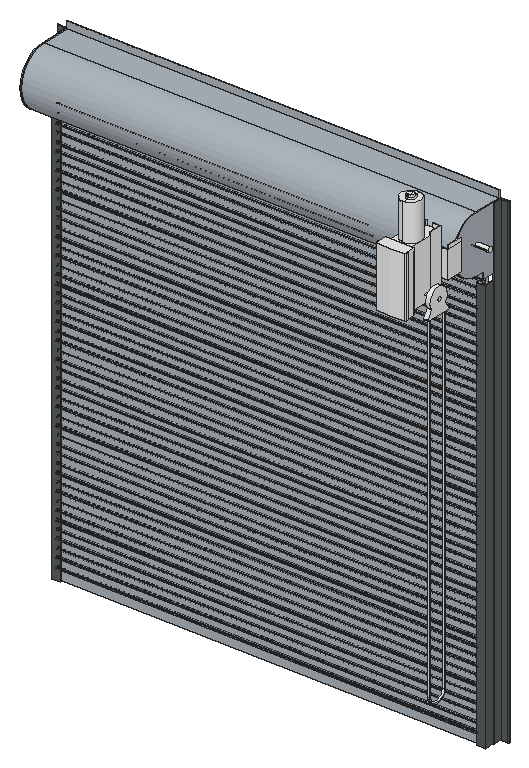
Revit family "Doors_Fire-Doors-Shutters_Wayne-Dalton_Insulated-Fire-Rated-Doors-FireStar-Model-700C", category Specialty Equipment, host Wall, Revit 2026
Family settings
  Host = Wall
  Round Connector Dimension = Use Diameter
  Part Type = Normal
  Classification Number = 23.30.10.21.34
  Enable Cutting in Views = No
  Always vertical = Yes
  Cut with Voids When Loaded = Yes
  Maintain Annotation Orientation = No
  Shared = No
  Room Calculation Point = No
Parameters (values of type "115 volts, one phase, 60 Hz (110-120V range)")
  X Motor [instance] = size_lookup(Lookup Table, if(Face Of Wall Mounting, "X Motor F", "X Motor B"), 10", Width Count, Height Count)  # 18 1/2"
  HM Warning [instance] = if(or(not(Chain Hoist), not(Lift Up)), size_lookup(Lookup Table, if(Face Of Wall Mounting, "Warning Motor F", "Warning Motor B"), 1, Width Count, Height Count) = 1, 0 = 1)  # no
  HC Warning [instance] = if(or(Chain Hoist, Lift Up), size_lookup(Lookup Table, if(Face Of Wall Mounting, "Warning Chain F", "Warning Chain B"), 1, Width Count, Height Count) = 1, 0 = 1)  # no
  Y Motor [instance] = size_lookup(Lookup Table, if(Face Of Wall Mounting, "Y Motor F", "Y Motor B"), 10", Width Count, Height Count)  # 17"
  Y Chain [instance] = size_lookup(Lookup Table, if(Face Of Wall Mounting, "Y Chain F", "Y Chain B"), 10", Width Count, Height Count)  # 17"
  Width Count [instance] = if(or(Opening Width < 120", Opening Width = 120"), 10, if(or(Opening Width < 192", Opening Width = 192"), 16, 20))  # 10
  Warning Sign [instance] = if(Calculated Area > 324.00 SF, 1 = 1, 1 = 2)  # no
  Warning (Note) [instance] = if(Warning Sign, "The Door Area is out of the limit; please adjust accordingly. The maximum allowed area is 324 sq. ft.", if(or(HM Warning, HC Warning), "Headroom Clearance Dimensions - out of the limits. Consult Factory", " "))  # " "
  Wall Thickness [instance] = 6"
  Voltage = 115 V
  True Opening Width [instance] = if(Between Jambs Mounting, Door Width True, Clear Width)  # 120"
  True Opening Height [instance] = if(Between Jambs Mounting, Clear Height + Headroom Height, Clear Height)  # 120"
  Slat Type [instance] = "№34"  # constant formula
  Slat Length [instance] = Clear Width + G Value * 2 - 1" / 2 * 2  # 124 5/8"
  Slat Height [instance] = 12 1/4"  # constant formula
  Slat [instance] = 1  # constant formula
  Side Room Right [instance] = 10"  # constant formula
  Side Room Left [instance] = 6"  # constant formula
  Product Page URL = "https://www.wayne-dalton.com/commercial-fire-doors-700c"
  Power Factor = 1
  Powder Coat (Note) = "Wayne Dalton also offers approximately 200 RAL powder coat options to complement the exterior colors of a building."  # constant formula
  Operator Visibility = yes
  Operation (Note) [instance] = "Door could operate by manual push, crank, electrical operator or chain hoist. Manual push up and crank could be used up to 80 sf, for larger door sizes you have to use Chain Hoist operator."  # constant formula
  Opening Width Real [instance] = if(Opening Width > Max Opening Width, Max Opening Width, if(Opening Width < Min Opening Width, Min Opening Width, Opening Width))  # 120"
  Opening Width [instance] = 120"
  Opening Height Real [instance] = if(Opening Height > Max Opening Height, Max Opening Height, if(Opening Height < Min Opening Height, Min Opening Height, Opening Height))  # 120"
  Opening Height [instance] = 120"
  One Array element [instance] = not(Array Vis)  # no
  Number of Poles = 1
  Motor Type [instance] = if(Between Jambs Mounting, "GCL Front of Hood", if(Motor Option < 2, "GCL Front of Hood", "GCL Wall Mount"))  # "GCL Front of Hood"
  Motor Selection (Note) [instance] = "Generic operator shown. Contact Wayne Dalton when dimensions are critical. "  # constant formula
  Motor Position [instance] = if(or(Chain Hoist, Lift Up, Motor Option Real = 1), G Value, 225/256" + 2 13/16")  # 2 13/16"
  Motor Option Real [instance] = if(Between Jambs Mounting, 1, if(Motor Option < 2, 1, 3))  # 1
  Motor Option [instance] = 1
  Min Opening Width [instance] = if(Between Jambs Mounting, 18" + Side Room Right + Side Room Left, 18")  # 18"
  Min Opening Height [instance] = if(Between Jambs Mounting, 24" + Headroom Height, 24")  # 24"
  Max Opening Width [instance] = 288"  # constant formula
  Max Opening Height [instance] = 288"  # constant formula
  Material Finish [instance] = 700C : Standard - Gray
  M Value [instance] = G Value + 1/2"  # 3 5/16"
  Lookup Table [instance] = "Hood Dimensions"  # constant formula
  Lift Up = no
  Jambs Offset L [instance] = if(Between Jambs Mounting, Side Room Left, 0")  # 0"
  Jambs Offset R [instance] = if(Between Jambs Mounting, Side Room Right, 0")  # 0"
  Installation Real [instance] = if(Between Jambs Mounting, if((Wall Thickness / 2 - Guid Depth / 2) < 0", 0", Wall Thickness / 2 - Guid Depth / 2), Wall Thickness)  # 6"
  Hood Type [instance] = "Round Hood"  # constant formula
  Hood Offset [instance] = 2"  # constant formula
  Hood Material [instance] = Metal - Wayne Dalton - Gray
  Hood Height [instance] = if(or(Chain Hoist, Lift Up), X Chain - 2", X Motor - 2")  # 16 1/2"
  X Chain [instance] = size_lookup(Lookup Table, if(Face Of Wall Mounting, "X Chain F", "X Chain B"), 10", Width Count, Height Count)  # 18 1/2"
  Height Count [instance] = if(or(Opening Height < 120", Opening Height = 120"), 10, if(or(Opening Height < 144", Opening Height = 144"), 12, if(or(Opening Height < 168", Opening Height = 168"), 14, if(or(Opening Height < 192", Opening Height = 192"), 16, if(or(Opening Height < 216", Opening Height = 216"), 18, 20)))))  # 10
  Headroom Height Lift [instance] = if(or(Chain Hoist, Lift Up), X Chain + Hood Offset, X Motor + Hood Offset)  # 20 1/2"
  Headroom Height [instance] = if(Between Jambs Mounting, Headroom Height Lift, Headroom Height Lift + 2")  # 22 1/2"
  Guide Type [instance] = if(Between Jambs Mounting, "Angled Between Jambs Z Guide", "Angled Z Guide")  # "Angled Z Guide"
  Guide Option [instance] = if(Between Jambs Mounting, 1, 2)  # 2
  Guid Depth [instance] = if(Between Jambs Mounting, D Value + 1/4", D Value)  # 5 1/2"
  G Value [instance] = 2 13/16"  # constant formula
  Frequency = 60 Hz
  Face of Wall Offset [instance] = if(Between Jambs Mounting, 0", 5")  # 5"
  Face Of Wall Mounting [instance] = not(Between Jambs Mounting)  # yes
  Door Width True [instance] = if(Between Jambs Mounting, Clear Width + Side Room Right + Side Room Left, Clear Width + M Value * 2)  # 126 5/8"
  Door Width (Real) [instance] = if(Between Jambs Mounting, Clear Width, Clear Width + 1" / 2)  # 120 1/2"
  Door Height True [instance] = Clear Width + Headroom Height  # 142 1/2"
  Door Height (Real) [instance] = Clear Height + Hood Offset  # 122"
  URL = "https://www.wayne-dalton.com/"
  Product data url = "https://www.bimobject.com/wayne-dalton/product/commercial-fire-doors-700c"
  Product Guid = "9f00e588-995a-41a3-b95e-30d0c432c3c2"
  Model = "700C"  # constant formula
  Manufacturer = "Wayne Dalton"  # constant formula
  Wall Closure = By host
  Floor To (CL) of Shaft [instance] = Clear Height + Hood Offset + 2" + Hood Height / 2  # 132 1/4"
  Finish Material = Finish - Wayne Dalton - Black
  Description = "FIRESTAR Model 700C Insulated Fire Door R-Value 5.0, U-Factor 0.2"  # constant formula
  Default Elevation = 0"
  D Value Clearance [instance] = if(Between Jambs Mounting, D Value + 1/4", D Value)  # 5 1/2"
  D Value [instance] = 5 1/2"  # constant formula
  Clearance [instance] = no
  Clear Width [instance] = if(Between Jambs Mounting, Opening Width Real - Side Room Right - Side Room Left, Opening Width Real)  # 120"
  Clear Height [instance] = if(Between Jambs Mounting, Opening Height Real - Headroom Height, Opening Height Real)  # 120"
  Chain Hoist = no
  Current = 20 A
  Connector Array Distance = 0"  # constant formula
  Connector Array = if(Chain Hoist, 2, 3)  # 3
  Between Jambs Mounting [instance] = no
  Bar [instance] = if(Face Of Wall Mounting, 1 = 1, 1 = 2)  # yes
  Backroom Depth [instance] = if(or(Chain Hoist, Lift Up), Y Chain, Y Motor)  # 17"
  BJ Opening Cut [instance] = if(Between Jambs Mounting, Headroom Height, 0")  # 0"
  Array Vis [instance] = if(Array < 2, 1 = 2, 1 = 1)  # yes
  Array Real [instance] = if(Array < 2, 2, Array)  # 10
  Array Length [instance] = (Array) * Slat Height  # 122 1/2"
  Array [instance] = rounddown(([Door Height (Real)] - 3") / Slat Height) + 1  # 10
  Calculated Area [instance] = [Door Width (Real)] * [Door Height (Real)]  # 102.09 SF
  Apparent Load Phase 3 = if(Number of Poles = 1, 0 VA, (Voltage * Current * sqrt(3)) / 3)  # 0 VA
  Apparent Load Phase 2 = if(Number of Poles = 1, 0 VA, (Voltage * Current * sqrt(3)) / 3)  # 0 VA
  Apparent Load Phase 1 = if(Number of Poles = 1, Voltage * Current, (Voltage * Current * sqrt(3)) / 3)  # 2300 VA
Reference planes (in)
  plane 1 "Center (Front/Back)": y = -14.625
  plane 2 "Center (Left/Right)": x = 0
  plane 3 "Left": x = -60
  plane 4 "Right": x = 60
  plane 5 "Exterior": y = -8.625
  plane 6 "Interior": y = -14.625
  plane 7: x = 70
  plane 8: x = -66
  plane 9: z = 120
  plane 10 "Main": y = -19.48437
  plane 11 "Backroom Depth": y = -31.625
  plane 12 "Main Door Block": y = -14.625
  plane 13 "Bottom Bar": z = 2.75
  plane 14: y = -20.125
  plane 15: z = 125.25
  plane 16: z = 140.5
  plane 17: z = 122
  plane 18: z = 142.5
  plane 19: z = 0
  plane 20: z = 60
  plane 21: y = -19.375
  plane 22 "Double Main": y = -18.906
  plane 23 "Headroom Top": z = 142.5
  plane 24: z = 132.25
  plane 25: x = 62.8125
  plane 26: x = -62.8125
  plane 27: z = 113
  plane 28: z = 124
  plane 29: x = 62.8125
  plane 30: x = -66
  plane 31: x = 70
  plane 32: z = 2.75
  plane 33: y = -19.375
  plane 34: z = 113
  plane 35: y = -19.375
  plane 36: z = 15
  plane 37: y = -19.375
  plane 38: z = 27.25
  plane 39: y = -19.375
  plane 40: z = 39.5
  plane 41: y = -19.375
  plane 42: z = 51.75
  plane 43: y = -19.375
  plane 44: z = 64
  plane 45: y = -19.375
  plane 46: z = 76.25
  plane 47: y = -19.375
  plane 48: z = 88.5
  plane 49: y = -19.375
  plane 50: z = 100.75
  plane 51: y = -19.375
Forms (in)
  Extrusion 1, void
    sketch origin (0, -14.625, 0) x (0, 0, -1) y (-1, 0, 0)
      loop
        line (-120, 60) -> (-120, -60) -> (0, -60) -> (0, 60) -> (-120, 60)
    from 0 to 6
  Extrusion 2, solid, material "Metal - Wayne Dalton - Gray" <- "Hood Material", visible <- "Bar"
    sketch origin (0, 0, 0) x (0, 1, 0) y (0, 0, 1)
      loop
        line (-14.875, 140.5) -> (-14.625, 140.5) -> (-14.625, 142.5) -> (-14.875, 142.5) -> (-14.875, 140.5)
    from -62.5625 to 62.5625
  Extrusion 3, solid, material "Clearance - Wayne Dalton - Red", visible <- "Clearance"
    sketch origin (0, 0, 0) x (1, 0, 0) y (0, 1, 0)
      loop
        line (70, -14.625) -> (60, -14.625) -> (60, -20.125) -> (70, -20.125) -> (70, -14.625)
      loop
        line (-60, -14.625) -> (-66, -14.625) -> (-66, -20.125) -> (-60, -20.125) -> (-60, -14.625)
    from 0 to 122
Lines and regions (in)
  symbolic lines, visible <- "Bar"
    curve 1: line (62.5625, -14.625, 0) -> (-62.5625, -14.625, 0)
    curve 2: line (-62.5625, -14.875, 0) -> (62.5625, -14.875, 0)
Text (in)
  text "Exterior" at (-74.96733, 27.31104, 0), in view "Ref. Level"
  text "Interior" at (-74.96733, -25.14366, 0), in view "Ref. Level"
  text "Exterior" at (0, 40.15149, 123.01588), in view "Right"
  text "Interior" at (0, -64.39139, 123.01588), in view "Right"
  text "Interior" at (0, -31.01599, 123.00693), in view "Left"
  text "Exterior" at (0, 54.57065, 123.00693), in view "Left"
Dimensions and locks (in)
  equal spacing: plane 3 "Left", plane 2 "Center (Left/Right)", plane 4 "Right"
  "Clear Width": plane 3 "Left" to plane 4 "Right"
  level to host wall = 459.59655"
  "Clear Height": level to plane 9
  plane 7 to plane 8 = 136"
  locked: plane 13 "Bottom Bar" to level at 2.75
  locked: plane 14 to plane 10 "Main" at 0.64063
  "Array Length": plane 15 to plane 13 "Bottom Bar"
  "Backroom Depth": plane 11 "Backroom Depth" to plane 12 "Main Door Block"
  locked: plane 18 to plane 16 at 2
  locked: Extrusion 2 sketch curve to Extrusion 2 sketch curve at 0.25
  "Installation Real": plane 1 "Center (Front/Back)" to plane 5 "Exterior"
  "Wall Thickness": host wall to host wall
  equal spacing: plane 9, plane 20, plane 19
  locked: plane 10 "Main" to plane 21 at 0.10937
  locked: plane 10 "Main" to plane 22 "Double Main" at 0.57837
  "BJ Opening Cut": Extrusion 1 sketch curve to plane 9
  locked: Extrusion 2 sketch curve to Extrusion 2 sketch curve at 2
  "Hood Offset": plane 17 to plane 9
  "Headroom Height": plane 23 "Headroom Top" to plane 9
  "Floor To (CL) of Shaft": plane 24 to level
  "Jambs Offset R": plane 4 "Right" to Extrusion 1 sketch curve
  "Jambs Offset L": Extrusion 1 sketch curve to plane 3 "Left"
  "G Value": plane 25 to plane 4 "Right"
  "G Value": plane 3 "Left" to plane 26
  "Guid Depth": plane 14 to plane 1 "Center (Front/Back)"
  "Slat Height": plane 15 to plane 27
  equal spacing: group 1, group 3, group 4, group 5, group 6, group 7, group 8, group 9, group 10, group 2  (x3)
  "Side Room Right": plane 4 "Right" to plane 7
  "Side Room Left": plane 8 to plane 3 "Left"
  locked: plane 25 to Extrusion 2 at 0.25
  locked: plane 26 to Extrusion 2 at 0.25
  locked: plane 28 to plane 17 at 2
  "Hood Height": plane 16 to plane 28
  "Motor Position": plane 4 "Right" to plane 29
  "Side Room Left": plane 30 to plane 3 "Left"
  "Side Room Right": plane 4 "Right" to plane 31
  "D Value Clearance": Extrusion 3 sketch curve to Extrusion 3 sketch curve
  aligned and locked: plane 5 "Exterior" to host wall
  aligned and locked: host wall to plane 6 "Interior"
  aligned and locked: level to Extrusion 1 sketch curve
  aligned and locked: Extrusion 1 to plane 5 "Exterior"
  aligned and locked: plane 6 "Interior" to Extrusion 1
  aligned and locked: plane 16 to nested 1
  aligned and locked: Extrusion 2 sketch curve to plane 18
  aligned and locked: plane 6 "Interior" to Extrusion 2 sketch curve
  aligned and locked: curve 1 to Extrusion 2  (x2)
  aligned and locked: curve 2 to Extrusion 2  (x2)
  aligned and locked: Extrusion 2 to curve 2
  aligned and locked: nested 1 to plane 5 "Exterior"
  aligned and locked: level to plane 19
  aligned and locked: plane 2 "Center (Left/Right)" to nested 2
  aligned and locked: nested 3 to plane 2 "Center (Left/Right)"
  aligned and locked: nested 4 to plane 20
  aligned and locked: plane 2 "Center (Left/Right)" to nested 4
  aligned and locked: plane 13 "Bottom Bar" to nested 6
  aligned and locked: plane 21 to nested 6
  aligned and locked: nested 4 to plane 21
  aligned and locked: plane 19 to nested 13
  aligned and locked: nested 13 to plane 2 "Center (Left/Right)"
  aligned and locked: nested 13 to plane 1 "Center (Front/Back)"
  aligned and locked: nested 1 to plane 29
  aligned and locked: Extrusion 3 sketch curve to plane 1 "Center (Front/Back)"
  aligned and locked: Extrusion 3 sketch curve to plane 31
  aligned and locked: Extrusion 3 sketch curve to plane 4 "Right"
  aligned and locked: plane 1 "Center (Front/Back)" to Extrusion 3 sketch curve
  aligned and locked: Extrusion 3 sketch curve to plane 30
  aligned and locked: Extrusion 3 sketch curve to plane 3 "Left"
  aligned and locked: Extrusion 3 sketch curve to Extrusion 3 sketch curve
  aligned and locked: Extrusion 3 to level
  aligned and locked: plane 17 to Extrusion 3
  aligned and locked: plane 13 "Bottom Bar" to plane 32
  aligned and locked: plane 21 to plane 33
  aligned and locked: plane 27 to plane 34
  aligned and locked: plane 35 to plane 21
  aligned and locked: plane 12 "Main Door Block" to plane 1 "Center (Front/Back)"
Automatic sketch dimensions
  plane 25 to curve 1 = 1/4"
Nested families (in)
  nested 1: "Motor" at (57.873, -39.205, 121.18), visible <- "Operator Visibility", type "Trolley Motor"
    with Vertical Mount 19.32", Hood Width Real 17", Hood Width 17", Hood Height 16 1/2", Floor To Cl Shaft 132 1/4", Box Width 25 1/2"
  nested 2: "Label Annotation 1" at (0, 18.375, 0), visible <- "Warning Sign", type "Label Annotation 1"
  nested 3: "Label Annotation 1" at (0, -41.625, 0) x (-1, 0, 0) z (0, 0, 1), visible <- "Warning Sign", type "Label Annotation 1"
  nested 4: "Warning Sign" at (0, -19.375, 60), visible <- "Warning Sign", type "Warning Sign"
    with Warning Sign no
  nested 5: "700C" at (0, -19.375, 2.75), Opening Width <- "Slat Length", type <- "Material Finish", visible <- "Array Vis", type "Standard - Gray"
    with Void Width 3/4", Void Offset 1", Void Height 3/4", Slat Width 3/4", Slat Position + Offset 13.146", Slat Position 12 1/4", Slat Option 1, Secure-Vent no, Profile #34 yes, Perforation no, Opening Width 124 5/8", Integrated Cutout no, Half Void Width 3/8", Fenestration no, Cutout Width Offset 1", Cutout Vertical Offset 0.896", #4 no, # 34 yes
  nested 6: "700C" at (0, -19.375, 2.75), visible <- "One Array element", Opening Width <- "Slat Length", type <- "Material Finish", type "Standard - Gray"
    with Void Width 3/4", Void Offset 1", Void Height 3/4", Slat Width 3/4", Slat Position + Offset 13.146", Slat Position 12 1/4", Slat Option 1, Secure-Vent no, Profile #34 yes, Perforation no, Opening Width 124 5/8", Integrated Cutout no, Half Void Width 3/8", Fenestration no, Cutout Width Offset 1", Cutout Vertical Offset 0.896", #4 no, # 34 yes
  nested 7: "700C" at (0, -19.375, 113), Opening Width <- "Slat Length", type <- "Material Finish", visible <- "Array Vis", type "Standard - Gray"
    with Void Width 3/4", Void Offset 1", Void Height 3/4", Slat Width 3/4", Slat Position + Offset 13.146", Slat Position 12 1/4", Slat Option 1, Secure-Vent no, Profile #34 yes, Perforation no, Opening Width 124 5/8", Integrated Cutout no, Half Void Width 3/8", Fenestration no, Cutout Width Offset 1", Cutout Vertical Offset 0.896", #4 no, # 34 yes
  nested 8: "700C" at (0, -19.375, 15), Opening Width <- "Slat Length", type <- "Material Finish", visible <- "Array Vis", type "Standard - Gray"
    with Void Width 3/4", Void Offset 1", Void Height 3/4", Slat Width 3/4", Slat Position + Offset 13.146", Slat Position 12 1/4", Slat Option 1, Secure-Vent no, Profile #34 yes, Perforation no, Opening Width 124 5/8", Integrated Cutout no, Half Void Width 3/8", Fenestration no, Cutout Width Offset 1", Cutout Vertical Offset 0.896", #4 no, # 34 yes
  nested 9: "700C" at (0, -19.375, 27.25), Opening Width <- "Slat Length", type <- "Material Finish", visible <- "Array Vis", type "Standard - Gray"
    with Void Width 3/4", Void Offset 1", Void Height 3/4", Slat Width 3/4", Slat Position + Offset 13.146", Slat Position 12 1/4", Slat Option 1, Secure-Vent no, Profile #34 yes, Perforation no, Opening Width 124 5/8", Integrated Cutout no, Half Void Width 3/8", Fenestration no, Cutout Width Offset 1", Cutout Vertical Offset 0.896", #4 no, # 34 yes
  nested 10: "700C" at (0, -19.375, 39.5), Opening Width <- "Slat Length", type <- "Material Finish", visible <- "Array Vis", type "Standard - Gray"
    with Void Width 3/4", Void Offset 1", Void Height 3/4", Slat Width 3/4", Slat Position + Offset 13.146", Slat Position 12 1/4", Slat Option 1, Secure-Vent no, Profile #34 yes, Perforation no, Opening Width 124 5/8", Integrated Cutout no, Half Void Width 3/8", Fenestration no, Cutout Width Offset 1", Cutout Vertical Offset 0.896", #4 no, # 34 yes
  nested 11: "700C" at (0, -19.375, 51.75), Opening Width <- "Slat Length", type <- "Material Finish", visible <- "Array Vis", type "Standard - Gray"
    with Void Width 3/4", Void Offset 1", Void Height 3/4", Slat Width 3/4", Slat Position + Offset 13.146", Slat Position 12 1/4", Slat Option 1, Secure-Vent no, Profile #34 yes, Perforation no, Opening Width 124 5/8", Integrated Cutout no, Half Void Width 3/8", Fenestration no, Cutout Width Offset 1", Cutout Vertical Offset 0.896", #4 no, # 34 yes
  nested 12: "700C" at (0, -19.375, 64), Opening Width <- "Slat Length", type <- "Material Finish", visible <- "Array Vis", type "Standard - Gray"
    with Void Width 3/4", Void Offset 1", Void Height 3/4", Slat Width 3/4", Slat Position + Offset 13.146", Slat Position 12 1/4", Slat Option 1, Secure-Vent no, Profile #34 yes, Perforation no, Opening Width 124 5/8", Integrated Cutout no, Half Void Width 3/8", Fenestration no, Cutout Width Offset 1", Cutout Vertical Offset 0.896", #4 no, # 34 yes
  nested 13: "Lifts" at (0, -14.625, 0) x (-1, 0, 0) z (0, 0, 1), type "Frame Unit"
    with Round Hood yes, No Hood no, Void Offset 2", Side Clearance R 10", Side Clearance L 6", Manual no, Hood Height 18 1/2", Headroom Height Real 20 1/2", Half Hood Height 18 1/2", Shaft Offset 8 1/4", Radius Hood 8 1/4", Headroom Height 20 1/2", Header Width 17", Floor To (CL) of Shaft 132 1/4"
  nested 14: "700C" at (0, -19.375, 76.25), Opening Width <- "Slat Length", type <- "Material Finish", visible <- "Array Vis", type "Standard - Gray"
    with Void Width 3/4", Void Offset 1", Void Height 3/4", Slat Width 3/4", Slat Position + Offset 13.146", Slat Position 12 1/4", Slat Option 1, Secure-Vent no, Profile #34 yes, Perforation no, Opening Width 124 5/8", Integrated Cutout no, Half Void Width 3/8", Fenestration no, Cutout Width Offset 1", Cutout Vertical Offset 0.896", #4 no, # 34 yes
  nested 15: "700C" at (0, -19.375, 88.5), Opening Width <- "Slat Length", type <- "Material Finish", visible <- "Array Vis", type "Standard - Gray"
    with Void Width 3/4", Void Offset 1", Void Height 3/4", Slat Width 3/4", Slat Position + Offset 13.146", Slat Position 12 1/4", Slat Option 1, Secure-Vent no, Profile #34 yes, Perforation no, Opening Width 124 5/8", Integrated Cutout no, Half Void Width 3/8", Fenestration no, Cutout Width Offset 1", Cutout Vertical Offset 0.896", #4 no, # 34 yes
  nested 16: "700C" at (0, -19.375, 100.75), Opening Width <- "Slat Length", type <- "Material Finish", visible <- "Array Vis", type "Standard - Gray"
    with Void Width 3/4", Void Offset 1", Void Height 3/4", Slat Width 3/4", Slat Position + Offset 13.146", Slat Position 12 1/4", Slat Option 1, Secure-Vent no, Profile #34 yes, Perforation no, Opening Width 124 5/8", Integrated Cutout no, Half Void Width 3/8", Fenestration no, Cutout Width Offset 1", Cutout Vertical Offset 0.896", #4 no, # 34 yes
Connectors (in)
  electrical at (60.861, -39.51377, 131.7498), driven by "Apparent Load Phase 1", driven by "Power Factor", driven by "Voltage", driven by "Apparent Load Phase 2", driven by "Apparent Load Phase 3", driven by "Number of Poles"
    settings: on nested 1, index 1, voltage 115 V, apparent load 0 VA, apparent load phase1 2300 VA, apparent load phase2 0 VA, apparent load phase3 0 VA, power factor 1, load classification "Other", number of poles 1, system type 31, power factor state 1, is connector primary yes, connector utility no, sub classification motor no, connector description "Electrical Connector"
Definition of nested family "Motor"
  Parameters (values of type "Trolley Motor")
    Wall Mount = if(Main Motor, if(Motor Option > 1, 1 = 1, 1 = 2), 1 = 2)  # no
    Side Room = 10"
    Real Exterior Wall Offset = if(Wall Mount, Displacement, Exterior Wall Offset)  # 6"
    Offset = Side Room - G Value  # 7 3/16"
    Manual = no
    Main Motor = if(or(Manual, Chain Hoist), 1 = 2, 1 = 1)  # yes
    Horizontal Mount = if(Face Mount, 5.08" + 0.12" + 2.38", if(Wall Mount, 5.08", 0"))  # 7.58"
    Vertical Mount = if(Face Mount, 11.07" + Hood Height / 2, if(Wall Mount, 20.03" + 6" + Hood Height / 2, Hood Height))  # 18.57"
    Motor Type = if(Motor Option < 2, "RSX FDO Face Mount", if(Motor Option = 2, "RSX FDO Top Mount", if(Motor Option = 3, "RSX Wall Mount", if(Motor Option = 4, "RSX Bench Mount", "Chain Hoist"))))  # "RSX FDO Face Mount"
    Motor Option = 1
    Main Material = none
    Hood Width Real = if(Wall Mount, 0", Hood Width)  # 18 1/2"
    Hood Width = 18 1/2"
    Hood Material = none
    Hood Height = 15"
    Hood Mount = if(Face Mount, 0.37", if(Wall Mount, 14.74", 0"))  # 0.37"
    G Value = 2 13/16"
    Floor To Cl Shaft = 131 1/2"
    Top Option Offset = 0"  # constant formula
    Face Mount = if(Main Motor, if(Motor Option < 2, 1 = 1, 1 = 2), 1 = 2)  # yes
    Exterior Wall Offset = 6"
    Displacement = 6"
    Default Elevation = 48"
    Chain V Offset = if(or(Face Mount, Wall Mount), 4 1/2", Hood Height / 2)  # 4 1/2"
    Chain Offset = if((Floor To Cl Shaft - Hood Height / 2) < 35", Floor To Cl Shaft - Hood Height / 2 - 5", 30")  # 30"
    Chain H Offset = 0"  # constant formula
    Chain Hoist = no
    Box Width = if(BJ, Hood Width + 8", Hood Width + 8 1/2")  # 27"
    Box BJ offset = 0"  # constant formula
    BJ Displacement = 3"
    BJ = no
    Angle = 180.00°  # constant formula
  Reference planes (in)
    plane 1 "Center (Front/Back)": y = 0
    plane 2: z = 0
    plane 3 "Center (Left/Right)": x = 0
    plane 4: y = 0
    plane 5: y = 0
    plane 6: z = -127
    plane 7: z = -97
    plane 8: z = 4.5
    plane 9 "Chain Hoist": z = 4.5
    plane 10 "Top Of Hood": z = 18.57
    plane 11: y = 7.58
    plane 12: z = 0
    plane 13 "Hood Face": x = 4.9395
    plane 14: x = 5.3095
    plane 15: y = 26.08
    plane 16 "Wall": y = 32.08
    plane 17: z = 0.2198
    plane 18: y = 16.83
    plane 19: x = 12.497
    plane 20: z = 3.57
    plane 21: z = 11.07
    plane 22: z = -120.43
    plane 23: z = -90.43
    plane 24: z = 11.07
    plane 25: z = 5.0698
  Forms (in)
    Extrusion 1, solid, material <- "Main Material", visible <- "Main Motor"
      sketch origin (0, 0, 18.8898) x (1, 0, 0) y (0, 1, 0)
        loop
          line (-4.134, -5.81907) -> (4.116, -5.81907) -> (4.116, -5.69947) -> (3.108, -5.69947)
          arc (3.108, -5.69947) -> (3.02315, -5.66432) -> (2.988, -5.57947) r 0.12
          line (2.988, -5.57947) -> (2.988, 4.96193) -> (-2.988, 4.96193) -> (-2.988, -5.57947)
          arc (-2.988, -5.57947) -> (-3.02315, -5.66432) -> (-3.108, -5.69947) r 0.12
          line (-3.108, -5.69947) -> (-4.134, -5.69947) -> (-4.134, -5.81907)
      from -16.64 to 0
    Extrusion 2, solid, material <- "Main Material", visible <- "Main Motor"
      sketch origin (0, 0, 18.8898) x (-1, 0, 0) y (0, -1, 0)
        loop
          line (4.134, 5.81907) -> (4.134, 8.46165) -> (4.3324, 8.46165) -> (4.3324, 8.7182)
          arc (4.3324, 8.7182) -> (4.24466, 8.95685) -> (4.02324, 9.08185) r 0.36846
          arc (4.02324, 9.08185) -> (0, 9.4077) -> (-4.02324, 9.08185) r 25
          arc (-4.02324, 9.08185) -> (-4.24466, 8.95685) -> (-4.3324, 8.7182) r 0.36846
          line (-4.3324, 8.7182) -> (-4.3324, 8.46165) -> (-4.116, 8.46165) -> (-4.116, 5.81907) -> (4.134, 5.81907)
      from -17 to 0.35839
    Extrusion 3, solid, material <- "Main Material", visible <- "Wall Mount"
      sketch origin (0, 0, 18.8898) x (1, 0, 0) y (0, 1, 0)
        loop
          line (-2.988, 5.08193) -> (-4.988, 5.08193) -> (-4.988, 4.96193) -> (-3.108, 4.96193) -> (-3.108, 1.46193) -> (-2.988, 1.46193) -> (-2.988, 5.08193)
        loop
          line (2.988, 5.08193) -> (2.988, 1.46193) -> (3.108, 1.46193) -> (3.108, 4.96193) -> (4.988, 4.96193) -> (4.988, 5.08193) -> (2.988, 5.08193)
      from -16.64 to 1.14
    Extrusion 4, solid, material <- "Main Material", visible <- "Main Motor"
      sketch origin (-1.65311, 0.00141, 3.59957) x (0, 0, 1) y (0, -1, 0)
        loop
          arc (-0.94556, -2.36341) -> (3.90043, 0.00141) -> (-0.94556, 2.36622) r 3
          line (-0.94556, 2.36622) -> (-3.12826, 3.62641) -> (-3.37977, 3.62641) -> (-3.37977, -3.62359) -> (-3.12826, -3.62359) -> (-0.94556, -2.36341)
      from 8.2495 to 7
    Sweep 5, solid, material <- "Main Material", visible <- "Main Motor"
      path origin (5.96602, 9.53, 48) x (0, 1, 0) y (0, 0, 1)
        loop
          line (-12.53, -47.7802) -> (-12.53, -145)
          arc (-12.53, -145) -> (-9.53, -148) -> (-6.53, -145) r 3
          line (-6.53, -145) -> (-6.53, -47.7802)
      profile origin (5.96602, -3, -48.3901) x (1, 0, 0) y (0, 1, 0)
        loop
          circle (0, 0.25) r 0.25
    Extrusion 6, solid, material <- "Main Material", visible <- "Main Motor"
      sketch origin (0, 0.00141, 3.59957) x (0, 0, 1) y (0, -1, 0)
        loop
          circle (0.90043, 0.00141) r 0.4
      from 6.8795 to 0
    Extrusion 7, solid, material <- "Main Material", visible <- "Face Mount"
      sketch origin (0, 0, 18.8898) x (1, 0, 0) y (0, 1, 0)
        loop
          line (5.3095, 5.08193) -> (5.3095, 9.82193) -> (5.1895, 9.82193) -> (5.1895, 5.20193) -> (-2.988, 5.20193) -> (-2.988, 5.08193) -> (5.3095, 5.08193)
      from -12.32 to -4.32
    Extrusion 8, solid, material <- "Main Material", visible <- "Face Mount"
      sketch origin (0.25, 0, 18.8898) x (1, 0, 0) y (0, 1, 0)
        loop
          line (-3.358, 5.08193) -> (-3.358, 1.46193) -> (-3.238, 1.46193) -> (-3.238, 4.96193) -> (-1.238, 4.96193) -> (-1.238, 5.08193) -> (-3.358, 5.08193)
        loop
          line (2.858, 5.08193) -> (0.738, 5.08193) -> (0.738, 4.96193) -> (2.738, 4.96193) -> (2.738, 1.46193) -> (2.858, 1.46193) -> (2.858, 5.08193)
      from -16.64 to 1.14
    Extrusion 9, solid, material <- "Main Material", visible <- "Face Mount"
      sketch origin (0, 0, 0) x (0, 0, 1) y (0, -1, 0)
        loop
          line (15.5698, -5.33193) -> (6.5698, -5.33193) -> (6.5698, -9.82193) -> (15.5698, -9.82193) -> (15.5698, -5.33193)
      from 4.9395 to 5.1895
    Revolve 10, solid, material <- "Main Material", visible <- "Main Motor"
      sketch origin (0, 0, 0) x (0, 0, 1) y (0, -1, 0)
        loop
          line (18.8898, -1.13053) -> (29.4398, -1.13053) -> (29.4398, 0.44447) -> (29.8198, 0.44447) -> (29.8198, 0.87447) -> (30.2198, 0.87447) -> (30.2198, 1.72447) -> (18.8898, 1.72447) -> (18.8898, -1.13053)
        axis (30.2198, 1.72447) -> (18.8898, 1.72447)
      angle from 0 to 360
    Extrusion 11, solid, material <- "Hood Material", visible <- "Manual"
      sketch origin (0, 0, 0) x (1, 0, 0) y (0, 1, 0)
        loop
          line (5.3095, 26.08) -> (5.3095, -0.92) -> (12.497, -0.92) -> (12.497, 26.08) -> (5.3095, 26.08)
      from 3.57 to 18.57
    Extrusion 12, solid, material <- "Main Material", visible <- "Chain Hoist"
      sketch origin (5.3095, 7.58, 11.07) x (0, 1, 0) y (-1, 0, 0)
        loop
          line (0, 0) -> (0, 8) -> (-10.5, 8) -> (-10.5, -0.25) -> (2.5, -0.25) -> (2.5, 0) -> (0, 0)
      from -4.5 to 4.5
    Extrusion 13, void
      sketch origin (5.3095, 7.58, 11.07) x (0, 1, 0) y (-1, 0, 0)
        loop
          line (-10.5, 0) -> (0, 0) -> (0, 8) -> (-10.5, 8) -> (-10.5, 0)
      from 3.5 to 7
    Extrusion 14, solid, material <- "Main Material", visible <- "Chain Hoist"
      sketch origin (5.3095, 7.58, 11.07) x (0, 1, 0) y (0, 0, -1)
        loop
          circle (-6.5, 0) r 5.5
      from -0.45688 to -1.28689
    Extrusion 15, solid, material <- "Main Material", visible <- "Chain Hoist"
      sketch origin (5.3095, 7.58, 11.07) x (0, 1, 0) y (0, 0, -1)
        loop
          arc (-0.5, -1) -> (-0.73394, 2.53457) -> (0, 6) r 12.93147
          line (0, 6) -> (-2.75, 6)
          spline (-2.75, 6) -> (-2.46785, 5.32328) -> (-2.28806, 4.6737) -> (-2.20356, 4.0573) -> (-2.20727, 3.48012) -> (-2.29211, 2.9482) -> (-2.45102, 2.4676) -> (-2.67691, 2.04435) -> (-2.96272, 1.6845) -> (-3.30136, 1.3941) -> (-3.68576, 1.17918) -> (-4.10885, 1.0458) -> (-4.56355, 1)
          line (-4.56355, 1) -> (-8.43645, 1)
          spline (-8.43645, 1) -> (-8.89115, 1.0458) -> (-9.31424, 1.17918) -> (-9.69864, 1.3941) -> (-10.03728, 1.6845) -> (-10.32309, 2.04435) -> (-10.54898, 2.4676) -> (-10.70789, 2.9482) -> (-10.79273, 3.48012) -> (-10.79644, 4.0573) -> (-10.71194, 4.6737) -> (-10.53215, 5.32328) -> (-10.25, 6)
          line (-10.25, 6) -> (-13, 6)
          arc (-13, 6) -> (-12.26606, 2.53457) -> (-12.5, -1) r 12.93147
          line (-12.5, -1) -> (-0.5, -1)
      from -1.45525 to -0.25
    Extrusion 16, solid, material <- "Main Material", visible <- "Chain Hoist"
      sketch origin (5.3095, 7.58, 11.07) x (0, 1, 0) y (0, 0, -1)
        loop
          circle (-6.5, 0) r 0.5
      from -1.57 to -0.25
    Sweep 17, solid, material <- "Main Material", visible <- "Chain Hoist"
      path origin (6.16213, 0, 8.25) x (0, 1, 0) y (0, 0, -1)
        loop
          line (-3.92, 3.1802) -> (-3.92, 98.68)
          arc (-3.92, 98.68) -> (1.08, 103.68) -> (6.08, 98.68) r 5
          line (6.08, 98.68) -> (6.08, 3.1802)
      profile origin (6.16213, -3.92, -42.6801) x (-1, 0, 0) y (0, -1, 0)
        loop
          circle (0, 0.25) r 0.25
  Cuts and joins
    Extrusion 13 cuts Extrusion 12
    joined: Extrusion 14, Extrusion 15
  Lines and regions (in)
    Masking region 1, visible <- "Manual"
      outline origin (0, -0.25, 0) x (1, 0, 0) y (0, 1, 0)
        loop
          line (5.3095, 26.33) -> (5.3095, -0.67) -> (12.497, -0.67) -> (12.497, 26.33) -> (5.3095, 26.33)
    Masking region 2, visible <- "Chain Hoist"
      outline origin (10.85425, 6.58, 11.07) x (0, 1, 0) y (-1, 0, 0)
        loop
          line (-12, 5.29475) -> (-12, 4.0895) -> (-6, 4.0895) -> (-6, 3.97475) -> (-5, 3.97475) -> (-5, 4.0895) -> (1, 4.0895) -> (1, 5.29475) -> (3.5, 5.29475) -> (3.5, 5.54475) -> (1, 5.54475) -> (1, 13.54475) -> (-9.5, 13.54475) -> (-9.5, 5.29475) -> (-12, 5.29475)
    reference lines
      curve 1: line (0, 0, 0) -> (0, 0, 18.8898)
      curve 2: line (5.3095, 7.58, 11.07) -> (5.3095, 13.83, 11.07)
      curve 11: line (0, 0, 18.8898) -> (-8.25, 0, 18.8898)
    symbolic lines, visible <- "Chain Hoist"
      curve 3: line (5.5595, -5.42, 11.07) -> (5.5595, 7.58, 11.07)
      curve 4: line (5.5595, 7.08, 11.07) -> (6.76475, 7.08, 11.07)
      curve 5: line (5.5595, -4.92, 11.07) -> (6.76475, -4.92, 11.07)
      curve 6: line (5.76638, 6.48833, 11.07) -> (6.59639, 6.48833, 11.07)
      curve 7: line (5.76638, -4.32833, 11.07) -> (5.76638, 6.48833, 11.07)
      curve 8: line (6.59639, -4.32833, 11.07) -> (5.76638, -4.32833, 11.07)
      curve 9: line (6.59639, 6.48833, 11.07) -> (6.59639, -4.32833, 11.07)
      curve 10: line (6.76475, -5.42, 11.07) -> (6.76475, 7.58, 11.07)
  Dimensions and locks (in)
    Extrusion 3 sketch curve to Extrusion 3 sketch curve = 3.62"
    locked: Extrusion 3 sketch curve to Extrusion 3 sketch curve at 0.12  (x3)
    "Chain H Offset": plane 4 to plane 5
    "Chain Offset": plane 7 to plane 6
    locked: Sweep 5 sketch curve to profile plane at 0
    locked: profile plane to Sweep 5 sketch curve at 0.25
    locked: Sweep 5 sketch curve to Sweep 5 sketch curve at 6
    "Floor To Cl Shaft": plane 8 to plane 6
    "Horizontal Mount": plane 1 "Center (Front/Back)" to plane 11
    Extrusion 8 sketch curve to Extrusion 8 sketch curve = 3.62"
    locked: Extrusion 8 sketch curve to Extrusion 8 sketch curve at 0.12  (x3)
    "Top Option Offset": level to plane 12
    "Chain V Offset": plane 9 "Chain Hoist" to plane 12
    equal spacing: Sweep 5 sketch curve, plane 5, Sweep 5 sketch curve
    "Vertical Mount": plane 10 "Top Of Hood" to plane 12
    locked: Extrusion 2 sketch curve to Extrusion 2 sketch curve at 8.25
    locked: Extrusion 2 sketch curve to Extrusion 2 sketch curve at 2.64258
    locked: plane 3 "Center (Left/Right)" to plane 14 at 5.3095
    "Hood Mount": plane 13 "Hood Face" to plane 14
    locked: Extrusion 7 sketch curve to Extrusion 7 sketch curve at 0.12  (x2)
    locked: Extrusion 7 sketch curve to curve 1 at 5.08193
    "Hood Width Real": plane 11 to plane 15
    "Real Exterior Wall Offset": plane 15 to plane 16 "Wall"
    locked: Extrusion 7 sketch curve to Extrusion 7 sketch curve at 4.62
    locked: Extrusion 1 sketch curve to Extrusion 1 sketch curve at 0.1196
    locked: Extrusion 1 sketch curve to Extrusion 1 sketch curve at 5.976
    equal spacing: Extrusion 1 sketch curve, curve 1, Extrusion 1 sketch curve
    locked: curve 1 to Extrusion 1 sketch curve at 5.81907
    locked: Extrusion 1 sketch curve to Extrusion 1 sketch curve at 10.781
    locked: Extrusion 8 sketch curve to curve 1 at 1.46193
    equal spacing: Extrusion 3 sketch curve, curve 1, Extrusion 3 sketch curve
    locked: Extrusion 3 sketch curve to curve 1 at 1.46193
    locked: Extrusion 9 sketch curve to Extrusion 9 sketch curve at 4.49
    locked: Extrusion 9 sketch curve to Extrusion 9 sketch curve at 9
    locked: Extrusion 9 sketch curve to curve 1 at 9.82193
    locked: Extrusion 9 sketch curve to curve 1 at 6.5698
    locked: Extrusion 3 sketch curve to Extrusion 3 sketch curve at 5.976
    locked: Extrusion 8 sketch curve to plane 3 "Center (Left/Right)" at 2.988
    locked: plane 3 "Center (Left/Right)" to Extrusion 8 sketch curve at 3.108
    locked: Extrusion 3 sketch curve to Extrusion 3 sketch curve at 2
    locked: Extrusion 3 sketch curve to Extrusion 3 sketch curve at 1.88
    locked: Extrusion 7 sketch curve to Extrusion 7 sketch curve at 8.2975
    locked: curve 1 to Extrusion 7 sketch curve at 5.3095
    locked: Extrusion 1 sketch curve to Extrusion 1 sketch curve at 1.128
    locked: Extrusion 1 sketch curve to Extrusion 1 sketch curve at 1.146
    Revolve 10 sketch curve to Revolve 10 sketch curve to Revolve 10 sketch curve to Revolve 10 sketch curve = 0.85" locked, 0.43" locked, 1.575" locked
    locked: Extrusion 4 sketch curve to Extrusion 4 sketch curve at 4.2802
    locked: Extrusion 4 sketch curve to Extrusion 4 sketch curve at 7.25
    equal spacing: Extrusion 4 sketch curve, Extrusion 4 sketch curve, Extrusion 4 sketch curve
    Revolve 10 sketch curve to Revolve 10 sketch curve to Revolve 10 sketch curve to Revolve 10 sketch curve = 10.55" locked, 0.38" locked, 0.4" locked
    locked: plane 8 to plane 17 at 4.2802
    equal spacing: plane 11, plane 18, plane 15
    locked: curve 2 to curve 2 at 6.25
    "Offset": plane 14 to plane 19
    "Offset": Extrusion 11 sketch curve to Extrusion 11 sketch curve
    "Hood Height": plane 10 "Top Of Hood" to plane 20
    locked: Extrusion 11 to plane 20 at 0
    locked: Extrusion 12 sketch curve to Extrusion 12 sketch curve at 10.5
    locked: Extrusion 12 sketch curve to Extrusion 12 sketch curve at 0.25
    locked: Extrusion 12 sketch curve to Extrusion 12 sketch curve at 8
    equal spacing: plane 10 "Top Of Hood", plane 21, plane 20
    locked: Extrusion 14 sketch curve to curve 2 at 6.5
    locked: plane 11 to Extrusion 12 sketch curve at 2.5
    "Chain Offset": plane 23 to plane 22
    locked: Sweep 17 sketch curve to profile plane at 0
    locked: profile plane to Sweep 17 sketch curve at 0.25
    "Floor To Cl Shaft": plane 24 to plane 22
    locked: plane 24 to plane 25 at 6.0002
    locked: Sweep 17 sketch curve to Sweep 17 sketch curve at 10
    locked: Sweep 17 sketch curve to plane 11 at 1.5
    locked: Extrusion 2 sketch curve to curve 1 at 5.81907
    "Box BJ offset": Extrusion 11 sketch curve to plane 15
    "Box Width": Extrusion 11 sketch curve to Extrusion 11 sketch curve
    radius of Sweep 5 sketch curve = 3"
    radius of Extrusion 6 sketch curve = 0.4"
    radius of Extrusion 2 sketch curve = 0.36846"  (x2)
    radius of Extrusion 1 sketch curve = 0.12"  (x2)
    radius of Extrusion 2 sketch curve = 25"
    radius of Extrusion 4 sketch curve = 3"
    radius of Sweep 5 sketch curve = 1/4"
    radius of Extrusion 14 sketch curve = 5 1/2"
    radius of Sweep 17 sketch curve = 1/4"
    "Angle": angle curve 1 to plane 1 "Center (Front/Back)"
    angle Extrusion 2 sketch curve to Extrusion 2 sketch curve = 90.00°
    locked: Extrusion 2 sketch curve to Extrusion 2 sketch curve (angle 90.00°)
    locked: Extrusion 4 sketch curve to Extrusion 4 sketch curve (angle 150.00°)  (x2)
    aligned and locked: plane 2 to level
    aligned and locked: plane 1 "Center (Front/Back)" to curve 1
    aligned and locked: level to curve 1
    aligned and locked: plane 1 "Center (Front/Back)" to plane 4
    aligned and locked: Extrusion 3 sketch curve to Extrusion 3 sketch curve  (x3)
    aligned and locked: plane 7 to Sweep 5 sketch curve  (x2)
    aligned and locked: plane 5 to Extrusion 6 sketch curve
    aligned and locked: plane 9 "Chain Hoist" to Extrusion 6 sketch curve
    aligned and locked: plane 8 to plane 9 "Chain Hoist"
    aligned and locked: Extrusion 8 sketch curve to Extrusion 8 sketch curve  (x3)
    aligned and locked: Extrusion 2 sketch curve to Extrusion 2 sketch curve
    aligned and locked: Extrusion 1 sketch curve to Extrusion 1 sketch curve
    aligned and locked: plane 4 to nested 1
    aligned and locked: plane 3 "Center (Left/Right)" to nested 1
    aligned and locked: Revolve 10 sketch curve to Revolve 10 sketch curve
    aligned and locked: plane 5 to Extrusion 4 sketch curve
    aligned and locked: plane 9 "Chain Hoist" to Extrusion 4 sketch curve
    aligned and locked: plane 17 to Sweep 5 sketch curve  (x2)
    aligned and locked: Extrusion 11 sketch curve to plane 14
    aligned and locked: Extrusion 11 to plane 10 "Top Of Hood"
    aligned and locked: Masking region 1 sketch curve to Extrusion 11  (x3)
    aligned and locked: Extrusion 12 sketch curve to plane 14
    aligned and locked: plane 11 to Extrusion 12 sketch curve
    aligned and locked: curve 2 to plane 21
    aligned and locked: Extrusion 13 sketch curve to plane 14
    aligned and locked: Extrusion 13 sketch curve to plane 11
    aligned and locked: Extrusion 13 sketch curve to Extrusion 12  (x2)
    aligned and locked: Extrusion 14 sketch curve to curve 2
    aligned and locked: plane 11 to curve 2
    aligned and locked: plane 23 to Sweep 17 sketch curve  (x2)
    aligned and locked: plane 25 to Sweep 17 sketch curve  (x2)
    aligned and locked: plane 24 to plane 21
    aligned and locked: Masking region 1 sketch curve to plane 15
  Automatic sketch dimensions
    Extrusion 4 sketch curve to Extrusion 4 sketch curve = 0.25151"  (x2)
    Extrusion 8 sketch curve to plane 3 "Center (Left/Right)" = 0.988"
    plane 3 "Center (Left/Right)" to Extrusion 8 sketch curve = 0.988"
    curve 1 to Revolve 10 sketch curve = 0"
    Revolve 10 sketch curve to curve 1 = 1.13053"
    Revolve 10 sketch curve to Revolve 10 sketch curve = 4.09917"
    Revolve 10 sketch curve to Revolve 10 sketch curve = 2.57083"
    Extrusion 15 sketch curve to curve 2 = 0"
    curve 2 to Extrusion 15 sketch curve = 6"
    Extrusion 15 sketch curve to curve 2 = 1/2"
    Extrusion 15 sketch curve to curve 2 = 2 3/4"
    Extrusion 15 sketch curve to curve 2 = 1"
    Extrusion 15 sketch curve to Extrusion 15 sketch curve = 4.06355"  (x2)
    Extrusion 15 sketch curve to Extrusion 15 sketch curve = 3.87291"
    Extrusion 15 sketch curve to curve 2 = 6"
    Extrusion 15 sketch curve to Extrusion 15 sketch curve = 1.81355"
    curve 2 to Extrusion 15 sketch curve = 1"
    Extrusion 15 sketch curve to Extrusion 15 sketch curve = 2 3/4"
    Extrusion 15 sketch curve to curve 2 = 1.61324"  (x2)
    curve 2 to Extrusion 16 sketch curve = 0"
    Extrusion 16 sketch curve to curve 2 = 6 1/2"
    Masking region 2 sketch curve to curve 2 = 0"  (x2)
    curve 2 to Masking region 2 sketch curve = 0"
    Masking region 2 sketch curve to curve 2 = 1.45525"
    Masking region 2 sketch curve to curve 2 = 1/4"
    curve 2 to Masking region 2 sketch curve = 8"
    Masking region 2 sketch curve to curve 2 = 6"
    Masking region 2 sketch curve to Masking region 2 sketch curve = 1"
    Masking region 2 sketch curve to Masking region 2 sketch curve = 3 1/2"
    curve 2 to Masking region 2 sketch curve = 1/4"
    Masking region 2 sketch curve to Masking region 2 sketch curve = 2 1/2"  (x2)
    Masking region 2 sketch curve to Masking region 2 sketch curve = 0.11475"
    Masking region 2 sketch curve to Masking region 2 sketch curve = 1.20525"
    curve 2 to curve 10 = 0"
    curve 2 to curve 3 = 0"
    curve 10 to curve 2 = 1.45525"
    curve 3 to curve 2 = 1/4"
    curve 6 to curve 2 = 1.09167"
    curve 2 to curve 7 = 0.45688"
    curve 7 to curve 6 = 10.81665"
    curve 5 to curve 9 = 0.16836"
    curve 4 to curve 2 = 1/2"
    curve 5 to curve 8 = 0.59167"
    curve 3 to curve 5 = 1/2"
    curve 10 to curve 5 = 1/2"
    plane 1 "Center (Front/Back)" to curve 11 = 0"
    curve 11 to plane 3 "Center (Left/Right)" = 8 1/4"
    curve 11 to plane 3 "Center (Left/Right)" = 0"
    Extrusion 2 sketch curve to curve 11 = 0"
    Extrusion 2 sketch curve to curve 11 = 15.5923"
    Extrusion 2 sketch curve to curve 11 = 3.96394"
    Extrusion 2 sketch curve to Extrusion 2 sketch curve = 0.2164"
    Extrusion 2 sketch curve to Extrusion 2 sketch curve = 0.17006"
    Extrusion 2 sketch curve to Extrusion 2 sketch curve = 0.25654"  (x2)
    radius of Extrusion 16 sketch curve = 1/2"
  Nested families (in)
    nested 1: "2D_NotScalableMain_29e791da-3db9-4234-ab15-44456784202b" at (0, 0, 0), type "Default"
      with Manual no
  Definition of nested family "2D_NotScalableMain_29e791da-3db9-4234-ab15-44456784202b"
    Parameters (values of type "Default")
      Wall Mount = no
      Manual = yes
      Main Motor = yes
      Face Mount = yes
      Chain Hoist = no
    Reference planes (in)
      plane 1 "Center (Front/Back)": y = 0
      plane 2: z = 0
      plane 3 "Center (Left/Right)": x = 0
    Lines and regions (in)
      Masking region 1, in view "Ref. Level", visible <- "Main Motor"
        outline origin (0, 0, 0) x (1, 0, 0) y (0, 1, 0)
          loop
            line (-4.134, -5.69947) -> (-4.134, -8.46165) -> (-4.3324, -8.46165) -> (-4.3324, -8.7182)
            arc (-4.3324, -8.7182) -> (-4.24466, -8.95685) -> (-4.02324, -9.08185) r 0.36846
            arc (-4.02324, -9.08185) -> (0, -9.4077) -> (4.02324, -9.08185) r 25
            arc (4.02324, -9.08185) -> (4.24466, -8.95685) -> (4.3324, -8.7182) r 0.36846
            line (4.3324, -8.7182) -> (4.3324, -8.46165) -> (4.116, -8.46165) -> (4.116, -5.69947) -> (3.108, -5.69947)
            arc (3.108, -5.69947) -> (3.02315, -5.66432) -> (2.988, -5.57947) r 0.12
            line (2.988, -5.57947) -> (2.988, -0.40888) -> (5.34689, -0.40888) -> (5.34689, -3.625) -> (6.59639, -3.625) -> (6.59639, -0.4) -> (6.8795, -0.4) -> (6.8795, 0.4) -> (6.59639, 0.4) -> (6.59639, 3.625) -> (5.34689, 3.625) -> (5.34689, 0.4) -> (2.988, 0.4) -> (2.988, 4.96193) -> (-2.988, 4.96193) -> (-2.988, -5.57947)
            arc (-2.988, -5.57947) -> (-3.02315, -5.66432) -> (-3.108, -5.69947) r 0.12
            line (-3.108, -5.69947) -> (-4.134, -5.69947)
      Masking region 2, in view "Ref. Level", visible <- "Face Mount"
        outline origin (0, 0, 0) x (1, 0, 0) y (0, 1, 0)
          loop
            line (-3.108, 1.46193) -> (-2.988, 1.46193) -> (-2.988, 4.96193) -> (2.988, 4.96193) -> (2.988, 1.46193) -> (3.108, 1.46193) -> (3.108, 5.08193) -> (5.3095, 5.08193) -> (5.3095, 9.82193) -> (4.9395, 9.82193) -> (4.9395, 5.33193) -> (5.1895, 5.33193) -> (5.1895, 5.20193) -> (-2.988, 5.20193) -> (-2.988, 5.08193) -> (-3.108, 5.08193) -> (-3.108, 1.46193)
      Masking region 3, in view "Ref. Level", visible <- "Wall Mount"
        outline origin (0, 0, 0) x (1, 0, 0) y (0, 1, 0)
          loop
            line (-4.988, 4.96193) -> (-3.108, 4.96193) -> (-3.108, 1.46193) -> (-2.988, 1.46193) -> (-2.988, 5.08193) -> (-4.988, 5.08193) -> (-4.988, 4.96193)
          loop
            line (2.988, 1.46193) -> (3.108, 1.46193) -> (3.108, 4.96193) -> (4.988, 4.96193) -> (4.988, 5.08193) -> (2.988, 5.08193) -> (2.988, 1.46193)
      reference lines, in view "Ref. Level"
        curve 1: line (0, 0, 0) -> (0, 0.125, 0)
        curve 2: line (0, 0, 0) -> (0.125, 0, 0)
      detail lines, in view "Ref. Level", visible <- "Main Motor"
        curve 3: line (-4.134, -5.81907, 0) -> (4.116, -5.81907, 0)
        curve 4: line (4.116, -5.69947, 0) -> (3.108, -5.69947, 0)
        curve 5: line (2.988, -5.57947, 0) -> (2.988, 4.96193, 0)
        curve 6: arc (-2.988, -5.57947, 0) -> (-3.02315, -5.66432, 0) -> (-3.108, -5.69947, 0) r 0.12
        curve 7: arc (3.108, -5.69947, 0) -> (3.02315, -5.66432, 0) -> (2.988, -5.57947, 0) r 0.12
        curve 8: line (-4.116, -5.69947, 0) -> (-3.108, -5.69947, 0)
        curve 9: arc (0, 1.13053, 0) -> (-2.855, -1.72447, 0) -> (0, -4.57947, 0) r 2.855
        curve 10: arc (0, -4.57947, 0) -> (2.855, -1.72447, 0) -> (0, 1.13053, 0) r 2.855
        curve 11: arc (0, -3.00447, 0) -> (1.28, -1.72447, 0) -> (0, -0.44447, 0) r 1.28
        curve 12: arc (0, -0.44447, 0) -> (-1.28, -1.72447, 0) -> (0, -3.00447, 0) r 1.28
        curve 13: arc (0, -0.87447, 0) -> (-0.85, -1.72447, 0) -> (0, -2.57447, 0) r 0.85
        curve 14: arc (0, -2.57447, 0) -> (0.85, -1.72447, 0) -> (0, -0.87447, 0) r 0.85
        curve 15: line (5.34689, 3, 0) -> (6.59639, 3, 0)
        curve 16: line (5.34689, -3, 0) -> (6.59639, -3, 0)
        curve 17: line (6.59639, 3.625, 0) -> (6.59639, -3.625, 0)
        curve 18: line (5.34689, 3.625, 0) -> (5.34689, -3.625, 0)
    Dimensions and locks (in)
      curve 1 to curve 1 = 1/8"
      curve 2 to curve 2 = 1/8"
      aligned and locked: plane 1 "Center (Front/Back)" to curve 1
      aligned and locked: plane 3 "Center (Left/Right)" to curve 1
      aligned and locked: plane 1 "Center (Front/Back)" to curve 2
Definition of nested family "700C"
  Parameters (values of type "Standard - White")
    Void Width [instance] = 3/4"  # constant formula
    Void Offset [instance] = if(Integrated Cutout, 0", 1")  # 1"
    Void Height [instance] = if([Secure-Vent], 2.2", 3/4")  # 3/4"
    Standard = yes
    Slat Width [instance] = 3/4"  # constant formula
    Slat Position + Offset [instance] = Slat Position + Cutout Vertical Offset  # 13.146"
    Slat Position [instance] = 2.45" * 5  # 12 1/4"
    Slat Option [instance] = 1
    Secure-Vent [instance] = 1 = 2  # no
    Rough Height = 0"
    Profile #34 [instance] = or(# 34, [Secure-Vent])  # yes
    Perforation [instance] = [Secure-Vent]  # no
    Half Void Width [instance] = Void Width / 2  # 3/8"
    Fenestration Large = no
    Fenestration [instance] = if(and(Integrated Cutout, not(Perforation)), 1 = 1, 1 = 2)  # no
    Cutout Width Offset [instance] = 1"  # constant formula
    Cutout Material Perforation = none
    Cutout Material = none
    Panel Material = none
    Opening Width [instance] = 123 5/8"
    Cutout Vertical Offset [instance] = 0.896"  # constant formula
    Default Elevation = 48"
    Integrated Cutout [instance] = if(Fenestration Large, 1 = 1, if(Perforation, 1 = 1, 1 = 2))  # no
    Analytic Construction = "<None>"
    #4 [instance] = 1 = 2  # no
    # 34 [instance] = 1 = 1  # yes
  Types (8): name | Void Offset | Standard | Fenestration Large | Fenestration | Integrated Cutout
    Standard - White | 1" | yes | no | no | no
    Standard - Gray | 1" | yes | no | no | no
    Fenestration 0.75”x5” - White | 0" | no | yes | yes | yes
    Fenestration 0.75”x5” - Beige | 0" | no | yes | yes | yes
    Fenestration 0.75”x5” - Gray | 0" | no | yes | yes | yes
    Standard - Beige | 1" | yes | no | no | no
    Fenestration 0.75”x5” - Brown | 0" | no | yes | yes | yes
    Standard - Brown | 1" | yes | no | no | no
  Reference planes (in)
    plane 1 "Center (Front/Back)": y = 0
    plane 2: z = 0
    plane 3 "Center (Left/Right)": x = 0
    plane 4: x = -61.8125
    plane 5: x = 61.8125
    plane 6: y = 0.75
    plane 7: y = 0
    plane 8: y = 0.375
    plane 9: y = 0.375
    plane 10: x = -60.8125
    plane 11: x = 60.8125
  Forms (in)
    Extrusion 1, solid, material <- "Panel Material", visible <- "Profile #34"
      sketch origin (0, -4.98186, 13.12534) x (0, 1, 0) y (0, 0, 1)
        loop
          arc (5.73195, -8.66795) -> (5.71054, -8.61155) -> (5.65711, -8.58356) r 0.085
          line (5.65711, -8.58356) -> (5.18025, -8.52611) -> (5.64695, -8.52611)
          arc (5.64695, -8.52611) -> (5.70705, -8.50122) -> (5.73195, -8.44111) r 0.085
          line (5.73195, -8.44111) -> (5.73195, -6.21795)
          arc (5.73195, -6.21795) -> (5.71054, -6.16155) -> (5.65711, -6.13356) r 0.085
          line (5.65711, -6.13356) -> (5.18025, -6.07611) -> (5.64695, -6.07611)
          arc (5.64695, -6.07611) -> (5.70705, -6.05122) -> (5.73195, -5.99111) r 0.085
          line (5.73195, -5.99111) -> (5.73195, -3.76795)
          arc (5.73195, -3.76795) -> (5.71054, -3.71155) -> (5.65711, -3.68356) r 0.085
          line (5.65711, -3.68356) -> (5.18025, -3.62611) -> (5.64695, -3.62611)
          arc (5.64695, -3.62611) -> (5.70705, -3.60122) -> (5.73195, -3.54111) r 0.085
          line (5.73195, -3.54111) -> (5.73195, -1.31795)
          arc (5.73195, -1.31795) -> (5.71054, -1.26155) -> (5.65711, -1.23356) r 0.085
          line (5.65711, -1.23356) -> (5.06395, -1.16211)
          arc (5.06395, -1.16211) -> (5.04824, -1.15387) -> (5.04194, -1.13729) r 0.025
          line (5.04194, -1.13729) -> (5.04194, -1.02403)
          arc (5.04194, -1.02403) -> (5.39312, -0.79238) -> (4.98194, -0.88137) r 0.214
          line (4.98194, -0.88137) -> (4.98194, -3.07421)
          arc (4.98194, -3.07421) -> (5.3755, -3.06636) -> (5.67195, -3.32534) r 0.54569
          line (5.67195, -3.32534) -> (5.67195, -3.54111)
          arc (5.67195, -3.54111) -> (5.66462, -3.55879) -> (5.64695, -3.56611) r 0.025
          line (5.64695, -3.56611) -> (5.04194, -3.56611) -> (5.04194, -3.47403)
          arc (5.04194, -3.47403) -> (5.39312, -3.24238) -> (4.98194, -3.33137) r 0.214
          line (4.98194, -3.33137) -> (4.98194, -5.52421)
          arc (4.98194, -5.52421) -> (5.3755, -5.51636) -> (5.67195, -5.77534) r 0.54569
          line (5.67195, -5.77534) -> (5.67195, -5.99111)
          arc (5.67195, -5.99111) -> (5.66462, -6.00879) -> (5.64695, -6.01611) r 0.025
          line (5.64695, -6.01611) -> (5.04194, -6.01611) -> (5.04194, -5.92403)
          arc (5.04194, -5.92403) -> (5.39312, -5.69238) -> (4.98194, -5.78137) r 0.214
          line (4.98194, -5.78137) -> (4.98194, -7.97421)
          arc (4.98194, -7.97421) -> (5.3755, -7.96636) -> (5.67195, -8.22534) r 0.54569
          line (5.67195, -8.22534) -> (5.67195, -8.44111)
          arc (5.67195, -8.44111) -> (5.66462, -8.45879) -> (5.64695, -8.46611) r 0.025
          line (5.64695, -8.46611) -> (5.04194, -8.46611) -> (5.04194, -8.37403)
          arc (5.04194, -8.37403) -> (5.39312, -8.14238) -> (4.98194, -8.23137) r 0.214
          line (4.98194, -8.23137) -> (4.98194, -10.42421)
          arc (4.98194, -10.42421) -> (5.3755, -10.41636) -> (5.67195, -10.67534) r 0.54569
          line (5.67195, -10.67534) -> (5.67195, -10.89111)
          arc (5.67195, -10.89111) -> (5.66462, -10.90879) -> (5.64695, -10.91611) r 0.025
          line (5.64695, -10.91611) -> (5.04194, -10.91611) -> (5.04194, -10.82403)
          arc (5.04194, -10.82403) -> (5.39312, -10.59238) -> (4.98194, -10.68137) r 0.214
          line (4.98194, -10.68137) -> (4.98194, -12.87421)
          arc (4.98194, -12.87421) -> (5.3755, -12.86636) -> (5.67195, -13.12534) r 0.54569
          line (5.67195, -13.12534) -> (5.67195, -13.34111)
          arc (5.67195, -13.34111) -> (5.66462, -13.35879) -> (5.64695, -13.36611) r 0.025
          line (5.64695, -13.36611) -> (5.04195, -13.36611) -> (5.04195, -13.2739)
          arc (5.04195, -13.2739) -> (5.39421, -13.04524) -> (4.98195, -13.12534) r 0.21392
          line (4.98195, -13.12534) -> (4.98195, -13.34111)
          arc (4.98195, -13.34111) -> (5.00684, -13.40122) -> (5.06695, -13.42611) r 0.085
          line (5.06695, -13.42611) -> (5.64695, -13.42611)
          arc (5.64695, -13.42611) -> (5.70705, -13.40122) -> (5.73195, -13.34111) r 0.085
          line (5.73195, -13.34111) -> (5.73195, -11.11795)
          arc (5.73195, -11.11795) -> (5.71054, -11.06155) -> (5.65711, -11.03356) r 0.085
          line (5.65711, -11.03356) -> (5.18025, -10.97611) -> (5.64695, -10.97611)
          arc (5.64695, -10.97611) -> (5.70705, -10.95122) -> (5.73195, -10.89111) r 0.085
          line (5.73195, -10.89111) -> (5.73195, -8.66795)
      from -61.8125 to 61.8125
    Extrusion 2, void
      sketch origin (0, 0, 0) x (0, 1, 0) y (0, 0, 1)
        loop
          line (1, 1.271) -> (1, 0.521) -> (1.75, 0.521) -> (1.75, 1.271) -> (1, 1.271)
        loop
          line (1, 3.721) -> (1, 2.971) -> (1.75, 2.971) -> (1.75, 3.721) -> (1, 3.721)
        loop
          line (1, 6.171) -> (1, 5.421) -> (1.75, 5.421) -> (1.75, 6.171) -> (1, 6.171)
        loop
          line (1, 8.621) -> (1, 7.871) -> (1.75, 7.871) -> (1.75, 8.621) -> (1, 8.621)
        loop
          line (1, 11.071) -> (1, 10.321) -> (1.75, 10.321) -> (1.75, 11.071) -> (1, 11.071)
      from -60.8125 to 60.8125
  Cuts and joins
    Extrusion 2 cuts Extrusion 1
  Lines and regions (in)
    reference lines
      curve 1: line (0, -4.98186, 12.78) -> (0, 10.2077, 12.78)
      curve 2: line (0, -2.86663, 13.146) -> (0, 7.85337, 13.146)
      curve 3: line (0, -2.86663, 10.696) -> (0, 7.85337, 10.696)
      curve 4: line (0, -2.86663, 8.246) -> (0, 7.85337, 8.246)
      curve 5: line (0, -2.86663, 5.796) -> (0, 7.85337, 5.796)
      curve 6: line (0, -2.86663, 0.896) -> (0, 7.85337, 0.896)
      curve 7: line (0, -2.86663, 3.346) -> (0, 7.85337, 3.346)
  Dimensions and locks (in)
    equal spacing: plane 4, plane 3 "Center (Left/Right)", plane 5
    "Opening Width": plane 4 to plane 5
    "Slat Width": plane 1 "Center (Front/Back)" to plane 6
    equal spacing: plane 1 "Center (Front/Back)", plane 8, plane 6
    "Half Void Width": plane 9 to plane 6
    "Cutout Width Offset": plane 4 to plane 10
    "Cutout Width Offset": plane 5 to plane 11
    "Void Height": Extrusion 2 sketch curve to Extrusion 2 sketch curve  (x5)
    "Void Width": Extrusion 2 sketch curve to Extrusion 2 sketch curve
    "Void Offset": plane 6 to Extrusion 2 sketch curve
    locked: curve 1 to level at 12.78
    "Slat Position": curve 6 to curve 2
    equal spacing: Extrusion 2 sketch curve, curve 3, Extrusion 2 sketch curve
    equal spacing: Extrusion 2 sketch curve, curve 4, Extrusion 2 sketch curve
    equal spacing: Extrusion 2 sketch curve, curve 6, Extrusion 2 sketch curve
    equal spacing: Extrusion 2 sketch curve, curve 5, Extrusion 2 sketch curve
    equal spacing: curve 6, curve 7, curve 5, curve 4, curve 3, curve 2
    equal spacing: Extrusion 2 sketch curve, curve 7, Extrusion 2 sketch curve
    "Cutout Vertical Offset": curve 6 to plane 2
    aligned and locked: plane 2 to level
    aligned and locked: plane 1 "Center (Front/Back)" to plane 7
    aligned and locked: plane 5 to Extrusion 1
    aligned and locked: plane 4 to Extrusion 1
    aligned and locked: plane 9 to nested 1
    aligned and locked: plane 3 "Center (Left/Right)" to nested 1
    aligned and locked: Extrusion 2 sketch curve to Extrusion 2 sketch curve  (x8)
    aligned and locked: plane 10 to Extrusion 2
    aligned and locked: plane 11 to Extrusion 2
    aligned and locked: plane 3 "Center (Left/Right)" to nested 2
    aligned and locked: plane 3 "Center (Left/Right)" to nested 3
    aligned and locked: plane 3 "Center (Left/Right)" to nested 4
    aligned and locked: plane 3 "Center (Left/Right)" to nested 5
    aligned and locked: plane 9 to nested 2
    aligned and locked: plane 9 to nested 3
    aligned and locked: plane 9 to nested 4
    aligned and locked: plane 9 to nested 5
    aligned and locked: plane 9 to nested 10
    aligned and locked: plane 9 to nested 9
    aligned and locked: plane 9 to nested 8
    aligned and locked: plane 9 to nested 7
    aligned and locked: plane 9 to nested 6
  Automatic sketch dimensions
    plane 1 "Center (Front/Back)" to curve 1 = 4.98186"
    plane 1 "Center (Front/Back)" to curve 7 = 2.86663"
